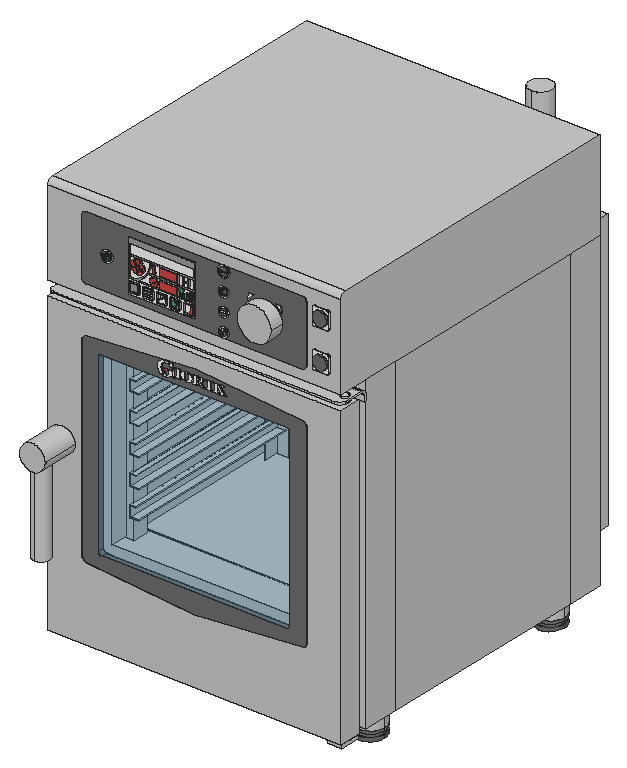
Revit family "QF_GIORIK_KH0623_KT0623_KP0623_KH0623W_KT0623W_KP0623W", category Specialty Equipment, Revit 2014 (continued)
Automatic sketch dimensions
  Extrusion 5 sketch curve to Extrusion 5 sketch curve = 1 mm  (x12)
  Extrusion 5 sketch curve to Extrusion 5 sketch curve = 12 mm  (x2)
  Extrusion 5 sketch curve to Extrusion 5 sketch curve = 14 mm  (x2)
  plane 3 "Left" to Extrusion 5 sketch curve = 85 mm  (x2)
  plane 1 "Back" to Extrusion 5 sketch curve = 252 mm  (x2)
  plane 4 "Right" to Extrusion 5 sketch curve = 85 mm  (x2)
  Extrusion 5 sketch curve to Extrusion 5 sketch curve = 24 mm  (x2)
  Extrusion 5 sketch curve to Extrusion 5 sketch curve = 7 mm  (x2)
  Extrusion 5 sketch curve to Extrusion 5 sketch curve = 13.5 mm  (x2)
  Extrusion 5 sketch curve to Extrusion 5 sketch curve = 20.5 mm
  Extrusion 5 sketch curve to Extrusion 5 sketch curve = 21.5 mm
  plane 4 "Right" to Extrusion 6 sketch curve = 85 mm
  Extrusion 6 sketch curve to Extrusion 6 sketch curve = 0 mm  (x10)
  Extrusion 6 sketch curve to Extrusion 6 sketch curve = 1 mm  (x36)
  Extrusion 6 sketch curve to Extrusion 6 sketch curve = 9 mm  (x10)
  Extrusion 6 sketch curve to Extrusion 6 sketch curve = 15 mm  (x8)
  plane 3 "Left" to Extrusion 6 sketch curve = 101 mm
  Extrusion 6 sketch curve to Extrusion 6 sketch curve = 6 mm  (x6)
  plane 7 "Legs height" to Extrusion 6 sketch curve = 175 mm  (x2)
  Extrusion 6 sketch curve to Extrusion 6 sketch curve = 18 mm  (x12)
  Extrusion 6 sketch curve to Extrusion 6 sketch curve = 30 mm  (x10)
  Extrusion 7 sketch curve to plane 5 "Front" = 0 mm  (x2)
  plane 1 "Back" to Extrusion 7 sketch curve = 0 mm
  Extrusion 7 sketch curve to plane 3 "Left" = 0 mm
  Extrusion 7 sketch curve to plane 4 "Right" = 0 mm
  Extrusion 7 sketch curve to Extrusion 7 sketch curve = 100 mm  (x2)
  Extrusion 7 sketch curve to plane 1 "Back" = 100 mm
  Extrusion 8 sketch curve to plane 4 "Right" = 0 mm
  Extrusion 8 sketch curve to plane 5 "Front" = 0 mm
  Extrusion 8 sketch curve to plane 5 "Front" = 8.06 mm
  Extrusion 8 sketch curve to Extrusion 8 sketch curve = 510.94 mm
  plane 4 "Right" to Extrusion 8 sketch curve = 7.063 mm
  plane 4 "Right" to Extrusion 8 sketch curve = 40 mm
  plane 4 "Right" to Extrusion 9 sketch curve = 60 mm
  Extrusion 9 sketch curve to Extrusion 9 sketch curve = 10 mm  (x3)
  Extrusion 9 sketch curve to Extrusion 9 sketch curve = 20 mm  (x3)
  Extrusion 9 sketch curve to Extrusion 9 sketch curve = 6 mm  (x3)
  plane 4 "Right" to Extrusion 9 sketch curve = 259.5 mm  (x2)
  plane 3 "Left" to Extrusion 9 sketch curve = 96 mm  (x2)
  Extrusion 9 sketch curve to level = 619.096 mm
  plane 7 "Legs height" to Extrusion 9 sketch curve = 140.46 mm  (x2)
  Extrusion 9 sketch curve to Extrusion 9 sketch curve = 9.54 mm
  Extrusion 9 sketch curve to plane 6 "Top" = 251 mm
  Extrusion 9 sketch curve to Extrusion 9 sketch curve = 15.54 mm  (x2)
  plane 6 "Top" to Extrusion 9 sketch curve = 579.096 mm
  Extrusion 9 sketch curve to Extrusion 9 sketch curve = 0 mm  (x2)
  plane 1 "Back" to Extrusion 11 sketch curve = 21 mm
  plane 4 "Right" to Extrusion 11 sketch curve = 219 mm
  curve 3 to plane 5 "Front" = 0 mm
  curve 1 to plane 5 "Front" = 0 mm
  curve 3 to plane 4 "Right" = 100 mm
  curve 2 to plane 3 "Left" = 100 mm
  curve 3 to plane 1 "Back" = 100 mm
  plane 3 "Left" to Extrusion 12 sketch curve = 69.5 mm
  plane 4 "Right" to Extrusion 12 sketch curve = 69.5 mm
  plane 7 "Legs height" to Extrusion 12 sketch curve = 134 mm
  Extrusion 12 sketch curve to plane 6 "Top" = 211 mm
  Extrusion 14 sketch curve to Extrusion 14 sketch curve = 0 mm  (x3)
  Extrusion 14 sketch curve to plane 8 "Front oven" = 0 mm
  Extrusion 14 sketch curve to plane 8 "Front oven" = 3 mm
  Extrusion 14 sketch curve to Extrusion 14 sketch curve = 5.5 mm
  Extrusion 14 sketch curve to plane 6 "Top" = 194 mm
  Extrusion 14 sketch curve to Extrusion 14 sketch curve = 10.501 mm
  Extrusion 14 sketch curve to Extrusion 14 sketch curve = 3 mm
  Extrusion 15 sketch curve to plane 5 "Front" = 0 mm
  Extrusion 15 sketch curve to plane 3 "Left" = 0 mm
  plane 4 "Right" to Extrusion 15 sketch curve = 0 mm
  plane 5 "Front" to Extrusion 15 sketch curve = 10 mm  (x2)
  Extrusion 15 sketch curve to plane 8 "Front oven" = 8.5 mm
  Extrusion 16 sketch curve to Extrusion 16 sketch curve = 0 mm  (x7)
  Extrusion 16 sketch curve to plane 6 "Top" = 89.092 mm
  plane 4 "Right" to Extrusion 16 sketch curve = 260.245 mm
  Extrusion 16 sketch curve to Extrusion 16 sketch curve = 2.604 mm  (x6)
  Extrusion 16 sketch curve to Extrusion 16 sketch curve = 1.396 mm  (x5)
  Extrusion 16 sketch curve to Extrusion 16 sketch curve = 1.978 mm
  Extrusion 16 sketch curve to Extrusion 16 sketch curve = 10.872 mm
  Extrusion 16 sketch curve to Extrusion 16 sketch curve = 118.779 mm
  Extrusion 16 sketch curve to Extrusion 16 sketch curve = 0.7 mm  (x2)
  Extrusion 16 sketch curve to Extrusion 16 sketch curve = 0.8 mm  (x2)
  Extrusion 16 sketch curve to Extrusion 16 sketch curve = 2 mm  (x5)
  Extrusion 16 sketch curve to Extrusion 16 sketch curve = 0.685 mm
  Extrusion 16 sketch curve to Extrusion 16 sketch curve = 11.556 mm
  Extrusion 16 sketch curve to Extrusion 16 sketch curve = 5.556 mm
  Extrusion 16 sketch curve to Extrusion 16 sketch curve = 15.513 mm
  Extrusion 16 sketch curve to plane 6 "Top" = 85 mm
  Extrusion 16 sketch curve to Extrusion 16 sketch curve = 4.77 mm
  Extrusion 16 sketch curve to Extrusion 16 sketch curve = 1.555 mm
  Extrusion 16 sketch curve to Extrusion 16 sketch curve = 1.126 mm
  Extrusion 17 sketch curve to Extrusion 17 sketch curve = 0 mm  (x32)
  Extrusion 17 sketch curve to plane 6 "Top" = 120.283 mm
  plane 4 "Right" to Extrusion 17 sketch curve = 261.5 mm
  Extrusion 17 sketch curve to Extrusion 17 sketch curve = 1.5 mm  (x4)
  Extrusion 17 sketch curve to Extrusion 17 sketch curve = 24.398 mm
  Extrusion 17 sketch curve to Extrusion 17 sketch curve = 30 mm
  Extrusion 17 sketch curve to plane 6 "Top" = 93.8 mm
  Extrusion 17 sketch curve to Extrusion 17 sketch curve = 5.542 mm
  Extrusion 17 sketch curve to plane 6 "Top" = 92.86 mm
  Extrusion 17 sketch curve to Extrusion 17 sketch curve = 0.789 mm
  Extrusion 17 sketch curve to plane 6 "Top" = 97.385 mm
  Extrusion 17 sketch curve to Extrusion 17 sketch curve = 2.211 mm
  Extrusion 17 sketch curve to plane 6 "Top" = 98.402 mm
  Extrusion 17 sketch curve to Extrusion 17 sketch curve = 0.686 mm
  Extrusion 17 sketch curve to Extrusion 17 sketch curve = 9.164 mm
  Extrusion 17 sketch curve to plane 6 "Top" = 97.435 mm
  Extrusion 17 sketch curve to plane 6 "Top" = 95.9 mm
  Extrusion 17 sketch curve to plane 6 "Top" = 96.721 mm
  Extrusion 17 sketch curve to Extrusion 17 sketch curve = 1.058 mm
  Extrusion 17 sketch curve to Extrusion 17 sketch curve = 0.007 mm
  Extrusion 17 sketch curve to plane 6 "Top" = 98.932 mm
  Extrusion 17 sketch curve to Extrusion 17 sketch curve = 0.727 mm
  Extrusion 17 sketch curve to plane 6 "Top" = 92.248 mm
  Extrusion 17 sketch curve to Extrusion 17 sketch curve = 4.43 mm
  Extrusion 17 sketch curve to plane 6 "Top" = 87.723 mm
  Extrusion 17 sketch curve to Extrusion 17 sketch curve = 12.64 mm
  Extrusion 17 sketch curve to plane 6 "Top" = 77.074 mm
  Extrusion 17 sketch curve to Extrusion 17 sketch curve = 0.034 mm
  Extrusion 17 sketch curve to plane 6 "Top" = 83.449 mm
  Extrusion 17 sketch curve to Extrusion 17 sketch curve = 1.389 mm
  Extrusion 17 sketch curve to plane 6 "Top" = 91.136 mm
  Extrusion 17 sketch curve to Extrusion 17 sketch curve = 2.313 mm
  Extrusion 17 sketch curve to Extrusion 17 sketch curve = 2.53 mm
  Extrusion 17 sketch curve to plane 6 "Top" = 87.406 mm
  Extrusion 17 sketch curve to Extrusion 17 sketch curve = 2.705 mm
  Extrusion 17 sketch curve to plane 6 "Top" = 76.294 mm
  Extrusion 17 sketch curve to Extrusion 17 sketch curve = 1.138 mm
  Extrusion 17 sketch curve to plane 6 "Top" = 73.82 mm
  Extrusion 17 sketch curve to Extrusion 17 sketch curve = 3.357 mm
  Extrusion 17 sketch curve to plane 6 "Top" = 82.8 mm
  Extrusion 17 sketch curve to Extrusion 17 sketch curve = 6.172 mm
  Extrusion 17 sketch curve to plane 6 "Top" = 84.401 mm
  Extrusion 17 sketch curve to Extrusion 17 sketch curve = 0.566 mm
  Extrusion 17 sketch curve to plane 6 "Top" = 80.522 mm
  Extrusion 17 sketch curve to Extrusion 17 sketch curve = 0.676 mm
  Extrusion 17 sketch curve to plane 6 "Top" = 91.817 mm
  Extrusion 17 sketch curve to Extrusion 17 sketch curve = 6.481 mm
  Extrusion 17 sketch curve to Extrusion 17 sketch curve = 1.773 mm
  Extrusion 17 sketch curve to plane 6 "Top" = 79.489 mm
  Extrusion 17 sketch curve to Extrusion 17 sketch curve = 1.347 mm
  Extrusion 17 sketch curve to plane 6 "Top" = 85.747 mm
  Extrusion 17 sketch curve to Extrusion 17 sketch curve = 1.957 mm
  Extrusion 17 sketch curve to Extrusion 17 sketch curve = 0.572 mm
  Extrusion 17 sketch curve to Extrusion 17 sketch curve = 0.366 mm
  Extrusion 17 sketch curve to plane 6 "Top" = 85.703 mm
  Extrusion 17 sketch curve to Extrusion 17 sketch curve = 1.697 mm
  Extrusion 17 sketch curve to plane 6 "Top" = 79.428 mm
  Extrusion 17 sketch curve to Extrusion 17 sketch curve = 1.163 mm
  Extrusion 17 sketch curve to Extrusion 17 sketch curve = 1.291 mm
  Extrusion 17 sketch curve to plane 6 "Top" = 94.459 mm
  Extrusion 17 sketch curve to Extrusion 17 sketch curve = 3.636 mm
  Extrusion 17 sketch curve to plane 6 "Top" = 70.562 mm
  Extrusion 17 sketch curve to Extrusion 17 sketch curve = 5.644 mm
  Extrusion 17 sketch curve to plane 6 "Top" = 91.788 mm
  Extrusion 17 sketch curve to Extrusion 17 sketch curve = 0.534 mm
  Extrusion 17 sketch curve to plane 6 "Top" = 80.39 mm
  Extrusion 17 sketch curve to Extrusion 17 sketch curve = 1.399 mm
  Extrusion 17 sketch curve to plane 6 "Top" = 84.258 mm
  Extrusion 17 sketch curve to plane 6 "Top" = 82.63 mm
  Extrusion 17 sketch curve to plane 6 "Top" = 73.81 mm
  Extrusion 17 sketch curve to Extrusion 17 sketch curve = 1.875 mm
  Extrusion 17 sketch curve to plane 6 "Top" = 93.314 mm
  Extrusion 17 sketch curve to Extrusion 17 sketch curve = 3.426 mm
  Extrusion 17 sketch curve to plane 6 "Top" = 71.963 mm
  Extrusion 17 sketch curve to Extrusion 17 sketch curve = 2.001 mm
  Extrusion 17 sketch curve to plane 6 "Top" = 76.238 mm
  Extrusion 17 sketch curve to Extrusion 17 sketch curve = 3.39 mm
  Extrusion 17 sketch curve to plane 6 "Top" = 87.36 mm
  Extrusion 17 sketch curve to Extrusion 17 sketch curve = 5.374 mm
  Extrusion 17 sketch curve to plane 6 "Top" = 83.385 mm
  Extrusion 17 sketch curve to Extrusion 17 sketch curve = 1.262 mm
  Extrusion 17 sketch curve to plane 6 "Top" = 84.718 mm
  Extrusion 17 sketch curve to Extrusion 17 sketch curve = 2.375 mm
  Extrusion 17 sketch curve to plane 6 "Top" = 80.599 mm
  Extrusion 17 sketch curve to Extrusion 17 sketch curve = 2.509 mm
  Extrusion 17 sketch curve to Extrusion 17 sketch curve = 2.12 mm  (x2)
  Extrusion 17 sketch curve to Extrusion 17 sketch curve = 7.859 mm  (x2)
  Extrusion 17 sketch curve to Extrusion 17 sketch curve = 5.742 mm
  Extrusion 17 sketch curve to Extrusion 17 sketch curve = 0.426 mm
  Extrusion 17 sketch curve to Extrusion 17 sketch curve = 12.559 mm  (x2)
  Extrusion 17 sketch curve to Extrusion 17 sketch curve = 7.441 mm
  Extrusion 17 sketch curve to Extrusion 17 sketch curve = 2.137 mm
  plane 4 "Right" to Extrusion 18 sketch curve = 1 mm
  plane 5 "Front" to Extrusion 18 sketch curve = 3.5 mm
  Extrusion 18 sketch curve to plane 8 "Front oven" = 16.5 mm
  Extrusion 18 sketch curve to plane 8 "Front oven" = 4 mm
  plane 8 "Front oven" to Extrusion 18 sketch curve = 1.5 mm
  plane 8 "Front oven" to Extrusion 18 sketch curve = 56 mm
  Extrusion 18 sketch curve to Extrusion 18 sketch curve = 0 mm
  Extrusion 18 sketch curve to Extrusion 18 sketch curve = 16.248 mm
  plane 4 "Right" to Extrusion 18 sketch curve = 19 mm
  Extrusion 18 sketch curve to Extrusion 18 sketch curve = 25 mm
  Extrusion 18 sketch curve to Extrusion 18 sketch curve = 12 mm
  Extrusion 18 sketch curve to Extrusion 18 sketch curve = 19 mm
  Extrusion 18 sketch curve to Extrusion 18 sketch curve = 10 mm
  plane 4 "Right" to Revolve 19 sketch curve = 11.5 mm
  Revolve 19 sketch curve to Revolve 19 sketch curve = 3.5 mm  (x3)
  Revolve 19 sketch curve to Revolve 19 sketch curve = 6 mm
  Revolve 19 sketch curve to plane 6 "Top" = 185 mm
  Revolve 19 sketch curve to Revolve 19 sketch curve = 4.5 mm  (x2)
  Revolve 19 sketch curve to Revolve 19 sketch curve = 2.5 mm
  Revolve 19 sketch curve to Revolve 19 sketch curve = 3.901 mm
  Revolve 19 sketch curve to Revolve 19 sketch curve = 0 mm  (x3)
  Revolve 20 sketch curve to plane 7 "Legs height" = 0 mm  (x2)
  plane 4 "Right" to Revolve 20 sketch curve = 11.5 mm
  Revolve 20 sketch curve to Revolve 20 sketch curve = 3.5 mm  (x3)
  Revolve 20 sketch curve to Revolve 20 sketch curve = 2.5 mm
  Revolve 20 sketch curve to Revolve 20 sketch curve = 7 mm
  Revolve 20 sketch curve to Revolve 20 sketch curve = 3.901 mm
  Revolve 20 sketch curve to Revolve 20 sketch curve = 0 mm  (x2)
  Extrusion 21 sketch curve to plane 4 "Right" = 25 mm
  Extrusion 21 sketch curve to plane 7 "Legs height" = 310 mm
  plane 5 "Front" to Extrusion 23 sketch curve = 46 mm
  Extrusion 23 sketch curve to plane 4 "Right" = 25 mm
  Extrusion 25 sketch curve to Extrusion 25 sketch curve = 0 mm  (x11)
  Extrusion 25 sketch curve to plane 6 "Top" = 66.895 mm  (x2)
  plane 4 "Right" to Extrusion 25 sketch curve = 103.895 mm
  Extrusion 25 sketch curve to plane 6 "Top" = 55.514 mm  (x2)
  Extrusion 25 sketch curve to Extrusion 25 sketch curve = 1.599 mm  (x2)
  Extrusion 25 sketch curve to Extrusion 25 sketch curve = 9.467 mm  (x2)
  Extrusion 25 sketch curve to Extrusion 25 sketch curve = 26.569 mm
  Extrusion 25 sketch curve to Extrusion 25 sketch curve = 7.071 mm
  Extrusion 25 sketch curve to Extrusion 25 sketch curve = 15.503 mm
  Extrusion 25 sketch curve to Extrusion 25 sketch curve = 37.995 mm
  Extrusion 25 sketch curve to Extrusion 25 sketch curve = 37.895 mm
  Extrusion 25 sketch curve to Extrusion 25 sketch curve = 1.233 mm
  Extrusion 25 sketch curve to Extrusion 25 sketch curve = 4 mm
  Extrusion 25 sketch curve to plane 6 "Top" = 65.195 mm
  Extrusion 25 sketch curve to Extrusion 25 sketch curve = 3.251 mm
  Extrusion 25 sketch curve to Extrusion 25 sketch curve = 6.5 mm  (x2)
  Extrusion 25 sketch curve to Extrusion 25 sketch curve = 1 mm  (x7)
  Extrusion 25 sketch curve to Extrusion 25 sketch curve = 0.516 mm
  Extrusion 25 sketch curve to Extrusion 25 sketch curve = 5 mm  (x2)
  Extrusion 25 sketch curve to Extrusion 25 sketch curve = 2.807 mm
  Extrusion 25 sketch curve to plane 6 "Top" = 63.441 mm
  Extrusion 25 sketch curve to Extrusion 25 sketch curve = 0.953 mm
  Extrusion 25 sketch curve to Extrusion 25 sketch curve = 44.5 mm
  Extrusion 25 sketch curve to plane 6 "Top" = 40 mm
  Extrusion 25 sketch curve to Extrusion 25 sketch curve = 116 mm
  Extrusion 25 sketch curve to Extrusion 25 sketch curve = 40 mm
  Extrusion 25 sketch curve to Extrusion 25 sketch curve = 34.378 mm
  Extrusion 25 sketch curve to Extrusion 25 sketch curve = 1.427 mm
  Extrusion 25 sketch curve to Extrusion 25 sketch curve = 2.881 mm
  Extrusion 25 sketch curve to Extrusion 25 sketch curve = 27.547 mm
  Extrusion 25 sketch curve to Extrusion 25 sketch curve = 28.047 mm
  Extrusion 25 sketch curve to Extrusion 25 sketch curve = 2.291 mm
  Extrusion 25 sketch curve to Extrusion 25 sketch curve = 0.209 mm
  Extrusion 25 sketch curve to Extrusion 25 sketch curve = 3 mm
  Extrusion 25 sketch curve to Extrusion 25 sketch curve = 45 mm
  Extrusion 25 sketch curve to Extrusion 25 sketch curve = 8.188 mm
  Extrusion 25 sketch curve to Extrusion 25 sketch curve = 3.805 mm
  Extrusion 25 sketch curve to Extrusion 25 sketch curve = 2.051 mm
  Extrusion 25 sketch curve to Extrusion 25 sketch curve = 1.254 mm
  Extrusion 25 sketch curve to Extrusion 25 sketch curve = 25.941 mm
  Extrusion 25 sketch curve to Extrusion 25 sketch curve = 0.5 mm
  Extrusion 26 sketch curve to Extrusion 26 sketch curve = 0 mm  (x64)
  Extrusion 26 sketch curve to plane 6 "Top" = 105 mm
  plane 4 "Right" to Extrusion 26 sketch curve = 258 mm
  Extrusion 26 sketch curve to Extrusion 26 sketch curve = 1 mm  (x18)
  Extrusion 26 sketch curve to Extrusion 26 sketch curve = 1.5 mm
  Extrusion 26 sketch curve to Extrusion 26 sketch curve = 0.5 mm
  Extrusion 26 sketch curve to Extrusion 26 sketch curve = 2 mm  (x13)
  Extrusion 26 sketch curve to Extrusion 26 sketch curve = 8.26 mm  (x2)
  Extrusion 26 sketch curve to Extrusion 26 sketch curve = 1.62 mm  (x3)
  Extrusion 26 sketch curve to Extrusion 26 sketch curve = 9.5 mm  (x2)
  Extrusion 26 sketch curve to Extrusion 26 sketch curve = 7.957 mm
  Extrusion 26 sketch curve to Extrusion 26 sketch curve = 6 mm  (x4)
  Extrusion 26 sketch curve to Extrusion 26 sketch curve = 1.514 mm
  Extrusion 26 sketch curve to Extrusion 26 sketch curve = 0.717 mm  (x2)
  Extrusion 26 sketch curve to Extrusion 26 sketch curve = 1.202 mm
  Extrusion 26 sketch curve to Extrusion 26 sketch curve = 10.283 mm
  Extrusion 26 sketch curve to Extrusion 26 sketch curve = 10.081 mm
  Extrusion 26 sketch curve to Extrusion 26 sketch curve = 0.961 mm
  Extrusion 26 sketch curve to Extrusion 26 sketch curve = 1.658 mm
  Extrusion 26 sketch curve to Extrusion 26 sketch curve = 2.455 mm
  Extrusion 26 sketch curve to Extrusion 26 sketch curve = 1.267 mm
  Extrusion 26 sketch curve to Extrusion 26 sketch curve = 2.654 mm
  Extrusion 26 sketch curve to plane 6 "Top" = 117.623 mm
  Extrusion 26 sketch curve to Extrusion 26 sketch curve = 2.67 mm
  Extrusion 26 sketch curve to plane 6 "Top" = 116.404 mm
  Extrusion 26 sketch curve to Extrusion 26 sketch curve = 1.218 mm
  Extrusion 26 sketch curve to plane 6 "Top" = 121.754 mm
  Extrusion 26 sketch curve to Extrusion 26 sketch curve = 4.131 mm
  Extrusion 26 sketch curve to Extrusion 26 sketch curve = 0.609 mm  (x2)
  Extrusion 26 sketch curve to plane 6 "Top" = 120.535 mm
  Extrusion 26 sketch curve to Extrusion 26 sketch curve = 1.312 mm
  Extrusion 26 sketch curve to Extrusion 26 sketch curve = 4.225 mm
  Extrusion 26 sketch curve to Extrusion 26 sketch curve = 0.767 mm
  Extrusion 26 sketch curve to Extrusion 26 sketch curve = 1.946 mm  (x2)
  Extrusion 26 sketch curve to Extrusion 26 sketch curve = 3.893 mm
  Extrusion 26 sketch curve to Extrusion 26 sketch curve = 0.573 mm
  Extrusion 26 sketch curve to Extrusion 26 sketch curve = 10.054 mm  (x2)
  Extrusion 26 sketch curve to Extrusion 26 sketch curve = 1.19 mm  (x2)
  Extrusion 26 sketch curve to Extrusion 26 sketch curve = 0.81 mm
  Extrusion 26 sketch curve to Extrusion 26 sketch curve = 3.631 mm
  Extrusion 26 sketch curve to Extrusion 26 sketch curve = 3.68 mm
  Extrusion 26 sketch curve to Extrusion 26 sketch curve = 4.689 mm
  Extrusion 26 sketch curve to Extrusion 26 sketch curve = 7.689 mm
  Extrusion 26 sketch curve to Extrusion 26 sketch curve = 17.403 mm
  Extrusion 26 sketch curve to Extrusion 26 sketch curve = 3.422 mm
  Extrusion 26 sketch curve to Extrusion 26 sketch curve = 2.246 mm
  Extrusion 26 sketch curve to Extrusion 26 sketch curve = 1.597 mm
  Extrusion 26 sketch curve to Extrusion 26 sketch curve = 0.042 mm
  Extrusion 26 sketch curve to Extrusion 26 sketch curve = 2.769 mm  (x2)
  Extrusion 26 sketch curve to Extrusion 26 sketch curve = 1.7 mm
  Extrusion 26 sketch curve to Extrusion 26 sketch curve = 2.12 mm
  Extrusion 26 sketch curve to Extrusion 26 sketch curve = 2.231 mm
  Extrusion 26 sketch curve to Extrusion 26 sketch curve = 1.147 mm
  Extrusion 26 sketch curve to Extrusion 26 sketch curve = 3.002 mm
  Extrusion 26 sketch curve to Extrusion 26 sketch curve = 6.3 mm
  Extrusion 26 sketch curve to Extrusion 26 sketch curve = 1.883 mm
  Extrusion 26 sketch curve to Extrusion 26 sketch curve = 7.859 mm
  Extrusion 26 sketch curve to Extrusion 26 sketch curve = 0.615 mm
  Extrusion 26 sketch curve to Extrusion 26 sketch curve = 4.404 mm
  Extrusion 26 sketch curve to Extrusion 26 sketch curve = 0.424 mm
  Extrusion 26 sketch curve to Extrusion 26 sketch curve = 2.306 mm
  Extrusion 26 sketch curve to Extrusion 26 sketch curve = 7 mm
  Extrusion 26 sketch curve to Extrusion 26 sketch curve = 0.463 mm
  Extrusion 26 sketch curve to Extrusion 26 sketch curve = 5 mm  (x2)
  Extrusion 26 sketch curve to Extrusion 26 sketch curve = 17.245 mm
  Extrusion 26 sketch curve to Extrusion 26 sketch curve = 2.495 mm
  Extrusion 26 sketch curve to Extrusion 26 sketch curve = 5.681 mm  (x3)
  Extrusion 26 sketch curve to Extrusion 26 sketch curve = 1.6 mm
  Extrusion 26 sketch curve to Extrusion 26 sketch curve = 2.544 mm
  Extrusion 26 sketch curve to Extrusion 26 sketch curve = 16.755 mm
  Extrusion 26 sketch curve to Extrusion 26 sketch curve = 10 mm
  plane 4 "Right" to Extrusion 27 sketch curve = 201.553 mm
  Extrusion 27 sketch curve to Extrusion 27 sketch curve = 2.606 mm
  Extrusion 27 sketch curve to Extrusion 27 sketch curve = 3.123 mm
  Extrusion 27 sketch curve to Extrusion 27 sketch curve = 3.991 mm
  Extrusion 27 sketch curve to Extrusion 27 sketch curve = 1.949 mm
  Extrusion 27 sketch curve to Extrusion 27 sketch curve = 1.182 mm
  Extrusion 27 sketch curve to Extrusion 27 sketch curve = 6.627 mm
  Extrusion 27 sketch curve to Extrusion 27 sketch curve = 1.25 mm
  Extrusion 27 sketch curve to Extrusion 27 sketch curve = 2.454 mm
  Extrusion 27 sketch curve to Extrusion 27 sketch curve = 1.353 mm  (x2)
  Extrusion 27 sketch curve to Extrusion 27 sketch curve = 3.69 mm
  Extrusion 27 sketch curve to Extrusion 27 sketch curve = 2.793 mm  (x10)
  Extrusion 27 sketch curve to Extrusion 27 sketch curve = 5.413 mm  (x3)
  Extrusion 27 sketch curve to Extrusion 27 sketch curve = 2 mm  (x2)
  Extrusion 27 sketch curve to Extrusion 27 sketch curve = 2.002 mm
  Extrusion 27 sketch curve to Extrusion 27 sketch curve = 3.133 mm
  Extrusion 27 sketch curve to Extrusion 27 sketch curve = 9.013 mm
  Extrusion 27 sketch curve to Extrusion 27 sketch curve = 4.511 mm
  Extrusion 27 sketch curve to Extrusion 27 sketch curve = 3.34 mm
  Extrusion 27 sketch curve to Extrusion 27 sketch curve = 0.132 mm
  Extrusion 27 sketch curve to Extrusion 27 sketch curve = 3.46 mm
  Extrusion 27 sketch curve to Extrusion 27 sketch curve = 3.675 mm
  Extrusion 27 sketch curve to Extrusion 27 sketch curve = 0 mm  (x18)
  Extrusion 27 sketch curve to Extrusion 27 sketch curve = 5.566 mm
  Extrusion 27 sketch curve to Extrusion 27 sketch curve = 2.285 mm
  Extrusion 27 sketch curve to Extrusion 27 sketch curve = 2.551 mm
  Extrusion 27 sketch curve to Extrusion 27 sketch curve = 5.945 mm
  Extrusion 27 sketch curve to Extrusion 27 sketch curve = 0.022 mm  (x2)
  Extrusion 27 sketch curve to Extrusion 27 sketch curve = 4 mm
  Extrusion 27 sketch curve to Extrusion 27 sketch curve = 5.91 mm  (x2)
  Extrusion 27 sketch curve to Extrusion 27 sketch curve = 1.141 mm
  Extrusion 27 sketch curve to Extrusion 27 sketch curve = 6.081 mm
  Extrusion 27 sketch curve to Extrusion 27 sketch curve = 4.16 mm
  Extrusion 27 sketch curve to Extrusion 27 sketch curve = 2.507 mm
  Extrusion 27 sketch curve to Extrusion 27 sketch curve = 1.366 mm
  Extrusion 27 sketch curve to Extrusion 27 sketch curve = 4.893 mm
  Extrusion 27 sketch curve to Extrusion 27 sketch curve = 6.586 mm
  Extrusion 27 sketch curve to Extrusion 27 sketch curve = 2.154 mm
  Extrusion 27 sketch curve to Extrusion 27 sketch curve = 2.256 mm
  Extrusion 27 sketch curve to Extrusion 27 sketch curve = 0.578 mm
  Extrusion 27 sketch curve to Extrusion 27 sketch curve = 1.392 mm
  Extrusion 27 sketch curve to Extrusion 27 sketch curve = 1.974 mm
  Extrusion 27 sketch curve to Extrusion 27 sketch curve = 1.347 mm
  Extrusion 27 sketch curve to Extrusion 27 sketch curve = 1.469 mm
  Extrusion 27 sketch curve to Extrusion 27 sketch curve = 4.081 mm
  Extrusion 27 sketch curve to plane 6 "Top" = 239.528 mm
  Extrusion 27 sketch curve to Extrusion 27 sketch curve = 2.317 mm
  Extrusion 27 sketch curve to Extrusion 27 sketch curve = 3.242 mm
  Extrusion 27 sketch curve to Extrusion 27 sketch curve = 3.564 mm
  Extrusion 27 sketch curve to Extrusion 27 sketch curve = 0.899 mm
  Extrusion 27 sketch curve to Extrusion 27 sketch curve = 1.294 mm
  Extrusion 27 sketch curve to Extrusion 27 sketch curve = 2.894 mm  (x2)
  Extrusion 27 sketch curve to Extrusion 27 sketch curve = 1 mm
  Extrusion 27 sketch curve to Extrusion 27 sketch curve = 1.461 mm
  Extrusion 27 sketch curve to Extrusion 27 sketch curve = 1.786 mm
  Extrusion 27 sketch curve to Extrusion 27 sketch curve = 1.919 mm
  Extrusion 27 sketch curve to Extrusion 27 sketch curve = 2.046 mm
  Extrusion 27 sketch curve to Extrusion 27 sketch curve = 1.137 mm
  Extrusion 27 sketch curve to Extrusion 27 sketch curve = 2.344 mm  (x8)
  Extrusion 27 sketch curve to Extrusion 27 sketch curve = 3.153 mm
  Extrusion 27 sketch curve to Extrusion 27 sketch curve = 3.783 mm
  Extrusion 27 sketch curve to Extrusion 27 sketch curve = 1.816 mm  (x2)
  Extrusion 27 sketch curve to Extrusion 27 sketch curve = 1.67 mm
  Extrusion 27 sketch curve to Extrusion 27 sketch curve = 3.513 mm
  Extrusion 27 sketch curve to Extrusion 27 sketch curve = 2.539 mm
  Extrusion 27 sketch curve to Extrusion 27 sketch curve = 4.042 mm
  Extrusion 27 sketch curve to Extrusion 27 sketch curve = 0.806 mm
  Extrusion 27 sketch curve to Extrusion 27 sketch curve = 0.873 mm
  Extrusion 27 sketch curve to Extrusion 27 sketch curve = 4.868 mm
  Extrusion 27 sketch curve to Extrusion 27 sketch curve = 2.243 mm
  Extrusion 27 sketch curve to Extrusion 27 sketch curve = 0.326 mm
  Extrusion 27 sketch curve to Extrusion 27 sketch curve = 2.593 mm  (x3)
  Extrusion 27 sketch curve to Extrusion 27 sketch curve = 1.506 mm
  Extrusion 27 sketch curve to Extrusion 27 sketch curve = 1.887 mm
  Extrusion 27 sketch curve to Extrusion 27 sketch curve = 1.99 mm
  Extrusion 27 sketch curve to Extrusion 27 sketch curve = 2.691 mm
  Extrusion 27 sketch curve to Extrusion 27 sketch curve = 3.345 mm
  Extrusion 27 sketch curve to Extrusion 27 sketch curve = 0.743 mm
  Extrusion 27 sketch curve to Extrusion 27 sketch curve = 3.185 mm
  Extrusion 27 sketch curve to Extrusion 27 sketch curve = 0.206 mm
  Extrusion 27 sketch curve to Extrusion 27 sketch curve = 2.753 mm
  Extrusion 27 sketch curve to Extrusion 27 sketch curve = 4.912 mm  (x2)
  Extrusion 27 sketch curve to Extrusion 27 sketch curve = 2.294 mm
  Extrusion 27 sketch curve to Extrusion 27 sketch curve = 3.131 mm
  Extrusion 27 sketch curve to Extrusion 27 sketch curve = 0.143 mm
  Extrusion 27 sketch curve to Extrusion 27 sketch curve = 1.861 mm
  Extrusion 27 sketch curve to Extrusion 27 sketch curve = 0.168 mm
  Extrusion 27 sketch curve to Extrusion 27 sketch curve = 2.712 mm
  Extrusion 27 sketch curve to Extrusion 27 sketch curve = 2.054 mm
  Extrusion 27 sketch curve to Extrusion 27 sketch curve = 1.787 mm
  plane 3 "Left" to Extrusion 28 sketch curve = 214.848 mm
  Extrusion 28 sketch curve to Extrusion 28 sketch curve = 6 mm  (x2)
  Extrusion 28 sketch curve to plane 6 "Top" = 232.105 mm
  Extrusion 28 sketch curve to Extrusion 28 sketch curve = 5 mm
  plane 4 "Right" to Extrusion 31 sketch curve = 50 mm
  plane 1 "Back" to Extrusion 31 sketch curve = 102 mm
  plane 4 "Right" to Extrusion 32 sketch curve = 50 mm
  plane 1 "Back" to Extrusion 32 sketch curve = 102 mm
  plane 4 "Right" to Extrusion 35 sketch curve = 50 mm
  plane 8 "Front oven" to Extrusion 35 sketch curve = 73 mm
  plane 4 "Right" to Extrusion 36 sketch curve = 50 mm
  plane 8 "Front oven" to Extrusion 36 sketch curve = 73 mm
  plane 4 "Right" to Extrusion 38 sketch curve = 50 mm
  plane 1 "Back" to Extrusion 38 sketch curve = 102 mm
  plane 4 "Right" to Extrusion 40 sketch curve = 50 mm
  plane 8 "Front oven" to Extrusion 40 sketch curve = 73 mm
  plane 4 "Right" to Extrusion 42 sketch curve = 50 mm
  plane 1 "Back" to Extrusion 42 sketch curve = 102 mm
  plane 4 "Right" to Extrusion 44 sketch curve = 50 mm
  plane 8 "Front oven" to Extrusion 44 sketch curve = 73 mm
  Extrusion 45 sketch curve to plane 3 "Left" = 0 mm
  plane 4 "Right" to Extrusion 45 sketch curve = 0 mm
  Extrusion 45 sketch curve to plane 7 "Legs height" = 0 mm
  Extrusion 45 sketch curve to plane 6 "Top" = 160 mm
  plane 4 "Right" to Extrusion 46 sketch curve = 60 mm
  Extrusion 46 sketch curve to Extrusion 46 sketch curve = 10 mm  (x3)
  plane 3 "Left" to Extrusion 46 sketch curve = 259.5 mm  (x2)
  plane 3 "Left" to Extrusion 46 sketch curve = 70 mm  (x2)
  Extrusion 46 sketch curve to level = 1741.516 mm
  Extrusion 46 sketch curve to plane 6 "Top" = 132.754 mm  (x2)
  Extrusion 46 sketch curve to plane 6 "Top" = 37.246 mm  (x2)
  plane 6 "Top" to Extrusion 46 sketch curve = 2341.516 mm
  Extrusion 46 sketch curve to Extrusion 46 sketch curve = 0 mm  (x2)
  plane 3 "Left" to Extrusion 47 sketch curve = 30 mm
  plane 4 "Right" to Extrusion 47 sketch curve = 30 mm
  plane 7 "Legs height" to Extrusion 47 sketch curve = 60 mm
  Extrusion 47 sketch curve to plane 6 "Top" = 160 mm
  Extrusion 48 sketch curve to plane 5 "Front" = 0 mm
  Extrusion 48 sketch curve to plane 6 "Top" = 0 mm
  plane 5 "Front" to Extrusion 48 sketch curve = 10 mm
  plane 5 "Front" to Extrusion 48 sketch curve = 10.1 mm
  plane 1 "Back" to Extrusion 48 sketch curve = 55 mm
  Extrusion 48 sketch curve to plane 6 "Top" = 10 mm
  Extrusion 48 sketch curve to plane 6 "Top" = 160 mm
  plane 3 "Left" to Revolve 49 sketch curve = 11.5 mm
  Revolve 49 sketch curve to Revolve 49 sketch curve = 3.5 mm  (x3)
  Revolve 49 sketch curve to Revolve 49 sketch curve = 6 mm
  Revolve 49 sketch curve to plane 6 "Top" = 169.599 mm
  Revolve 49 sketch curve to Revolve 49 sketch curve = 3.901 mm
  Revolve 49 sketch curve to Revolve 49 sketch curve = 4.5 mm  (x2)
  Revolve 49 sketch curve to Revolve 49 sketch curve = 2.5 mm
  Revolve 49 sketch curve to Revolve 49 sketch curve = 0 mm  (x3)
  plane 8 "Front oven" to Extrusion 50 sketch curve = 23 mm
  plane 8 "Front oven" to Extrusion 50 sketch curve = 36 mm
  Extrusion 50 sketch curve to Extrusion 50 sketch curve = 25 mm
  plane 4 "Right" to Extrusion 50 sketch curve = 27 mm
  Extrusion 50 sketch curve to Extrusion 50 sketch curve = 44 mm
  Extrusion 50 sketch curve to Extrusion 50 sketch curve = 0 mm
  Extrusion 53 sketch curve to plane 6 "Top" = 85 mm
  plane 4 "Right" to Extrusion 53 sketch curve = 134 mm
  plane 3 "Left" to Extrusion 54 sketch curve = 49.25 mm  (x2)
  Extrusion 54 sketch curve to plane 6 "Top" = 137.021 mm
  plane 3 "Left" to Extrusion 54 sketch curve = 58.5 mm
  Extrusion 54 sketch curve to Extrusion 54 sketch curve = 16.021 mm  (x3)
  plane 3 "Left" to Extrusion 54 sketch curve = 21.5 mm
  Extrusion 54 sketch curve to Extrusion 54 sketch curve = 9.25 mm
  Extrusion 54 sketch curve to Extrusion 54 sketch curve = 18.5 mm
  plane 3 "Left" to Extrusion 55 sketch curve = 40 mm
  Extrusion 55 sketch curve to plane 6 "Top" = 121 mm
  plane 3 "Left" to Extrusion 56 sketch curve = 49.25 mm  (x2)
  Extrusion 56 sketch curve to plane 6 "Top" = 137.021 mm
  plane 3 "Left" to Extrusion 56 sketch curve = 58.5 mm
  Extrusion 56 sketch curve to Extrusion 56 sketch curve = 16.021 mm  (x3)
  plane 3 "Left" to Extrusion 56 sketch curve = 21.5 mm
  Extrusion 56 sketch curve to Extrusion 56 sketch curve = 18.5 mm  (x2)
  plane 1 "Back" to Revolve 57 sketch curve = 32 mm
  Revolve 57 sketch curve to plane 6 "Top" = 121 mm
  Revolve 57 sketch curve to Revolve 57 sketch curve = 7 mm
  Revolve 57 sketch curve to Revolve 57 sketch curve = 4 mm
  Revolve 57 sketch curve to Revolve 57 sketch curve = 9 mm
  Revolve 57 sketch curve to Revolve 57 sketch curve = 8 mm
  Revolve 57 sketch curve to Revolve 57 sketch curve = 0 mm  (x3)
  Extrusion 58 sketch curve to Extrusion 58 sketch curve = 0 mm  (x2)
  plane 1 "Back" to Extrusion 58 sketch curve = 43 mm
  Extrusion 58 sketch curve to Extrusion 58 sketch curve = 2 mm
  Extrusion 58 sketch curve to Extrusion 58 sketch curve = 5 mm
  Extrusion 58 sketch curve to Extrusion 58 sketch curve = 3 mm
  Extrusion 58 sketch curve to Extrusion 58 sketch curve = 12 mm
  Extrusion 58 sketch curve to plane 6 "Top" = 150 mm
  Extrusion 58 sketch curve to plane 6 "Top" = 70 mm
  Extrusion 58 sketch curve to Extrusion 58 sketch curve = 7 mm
  plane 1 "Back" to Blend 59 sketch curve = 27 mm  (x2)
  plane 4 "Right" to Blend 59 sketch curve = 127 mm  (x2)
  plane 1 "Back" to Extrusion 60 sketch curve = 27 mm
  plane 4 "Right" to Extrusion 60 sketch curve = 127 mm
  plane 4 "Right" to Extrusion 61 sketch curve = 0 mm
  Extrusion 61 sketch curve to plane 3 "Left" = 0 mm
  Extrusion 61 sketch curve to plane 7 "Legs height" = 0 mm
  plane 4 "Right" to Extrusion 61 sketch curve = 84 mm
  plane 3 "Left" to Extrusion 61 sketch curve = 69.5 mm
  plane 7 "Legs height" to Extrusion 61 sketch curve = 134 mm
  Extrusion 61 sketch curve to plane 6 "Top" = 211 mm
  Extrusion 61 sketch curve to Extrusion 61 sketch curve = 51 mm
  plane 4 "Right" to Extrusion 62 sketch curve = 14.937 mm
  Extrusion 62 sketch curve to Extrusion 62 sketch curve = 15 mm  (x3)
  plane 3 "Left" to Extrusion 62 sketch curve = 29.937 mm
  plane 3 "Left" to Extrusion 62 sketch curve = 14.937 mm
  plane 7 "Legs height" to Extrusion 62 sketch curve = 15 mm
  Extrusion 62 sketch curve to plane 6 "Top" = 215 mm
  plane 4 "Right" to Extrusion 63 sketch curve = 20 mm
  Extrusion 63 sketch curve to Extrusion 63 sketch curve = 3 mm  (x3)
  Extrusion 63 sketch curve to Extrusion 63 sketch curve = 22 mm  (x2)
  Extrusion 63 sketch curve to plane 6 "Top" = 66 mm
  Extrusion 63 sketch curve to Extrusion 63 sketch curve = 26 mm
  plane 4 "Right" to Extrusion 64 sketch curve = 34 mm
  Extrusion 64 sketch curve to plane 6 "Top" = 50 mm
  plane 4 "Right" to Extrusion 65 sketch curve = 20 mm
  Extrusion 65 sketch curve to Extrusion 65 sketch curve = 3 mm  (x3)
  Extrusion 65 sketch curve to Extrusion 65 sketch curve = 22 mm  (x2)
  Extrusion 65 sketch curve to plane 6 "Top" = 136 mm
  Extrusion 65 sketch curve to Extrusion 65 sketch curve = 26 mm
  plane 4 "Right" to Extrusion 66 sketch curve = 34 mm
  Extrusion 66 sketch curve to plane 6 "Top" = 120 mm
  Extrusion 67 sketch curve to Extrusion 67 sketch curve = 0 mm  (x18)
  Extrusion 67 sketch curve to plane 6 "Top" = 78 mm  (x2)
  plane 4 "Right" to Extrusion 67 sketch curve = 191 mm
  Extrusion 67 sketch curve to Extrusion 67 sketch curve = 50 mm  (x2)
  Extrusion 67 sketch curve to Extrusion 67 sketch curve = 10 mm
  Extrusion 67 sketch curve to Extrusion 67 sketch curve = 15 mm  (x2)
  Extrusion 67 sketch curve to Extrusion 67 sketch curve = 45 mm  (x2)
  Extrusion 67 sketch curve to Extrusion 67 sketch curve = 21.5 mm
  Extrusion 67 sketch curve to Extrusion 67 sketch curve = 0.7 mm  (x2)
  Extrusion 67 sketch curve to Extrusion 67 sketch curve = 0.8 mm  (x2)
  Extrusion 67 sketch curve to Extrusion 67 sketch curve = 8 mm
  Extrusion 67 sketch curve to Extrusion 67 sketch curve = 4.77 mm
  Extrusion 67 sketch curve to Extrusion 67 sketch curve = 1.555 mm
  Extrusion 67 sketch curve to Extrusion 67 sketch curve = 1.126 mm
  Extrusion 67 sketch curve to Extrusion 67 sketch curve = 16 mm
  plane 4 "Right" to Extrusion 68 sketch curve = 95 mm
  Extrusion 68 sketch curve to plane 6 "Top" = 85 mm
  Extrusion 69 sketch curve to Extrusion 69 sketch curve = 0 mm  (x39)
  plane 4 "Right" to Extrusion 69 sketch curve = 132.474 mm
  Extrusion 69 sketch curve to Extrusion 69 sketch curve = 0.861 mm  (x2)
  Extrusion 69 sketch curve to Extrusion 69 sketch curve = 3.72 mm
  Extrusion 69 sketch curve to Extrusion 69 sketch curve = 4.665 mm
  Extrusion 69 sketch curve to Extrusion 69 sketch curve = 0.945 mm
  Extrusion 69 sketch curve to Extrusion 69 sketch curve = 0.166 mm
  Extrusion 69 sketch curve to Extrusion 69 sketch curve = 1.111 mm
  Extrusion 69 sketch curve to Extrusion 69 sketch curve = 4.341 mm
  Extrusion 69 sketch curve to Extrusion 69 sketch curve = 0.927 mm
  Extrusion 69 sketch curve to Extrusion 69 sketch curve = 24.824 mm
  Extrusion 69 sketch curve to Extrusion 69 sketch curve = 21.15 mm
  Extrusion 69 sketch curve to Extrusion 69 sketch curve = 1.06 mm  (x2)
  Extrusion 69 sketch curve to Extrusion 69 sketch curve = 0.329 mm
  Extrusion 69 sketch curve to Extrusion 69 sketch curve = 3.251 mm
  Extrusion 69 sketch curve to Extrusion 69 sketch curve = 0.83 mm
  Extrusion 69 sketch curve to Extrusion 69 sketch curve = 3.01 mm
  Extrusion 69 sketch curve to Extrusion 69 sketch curve = 2.807 mm
  Extrusion 69 sketch curve to Extrusion 69 sketch curve = 2.865 mm
  Extrusion 69 sketch curve to Extrusion 69 sketch curve = 2.93 mm
  Extrusion 69 sketch curve to Extrusion 69 sketch curve = 0.475 mm
  Extrusion 69 sketch curve to Extrusion 69 sketch curve = 1 mm  (x3)
  Extrusion 69 sketch curve to Extrusion 69 sketch curve = 21.171 mm
  Extrusion 69 sketch curve to Extrusion 69 sketch curve = 0.928 mm
  Extrusion 69 sketch curve to plane 6 "Top" = 94.8 mm
  Extrusion 69 sketch curve to Extrusion 69 sketch curve = 2.622 mm
  Extrusion 69 sketch curve to Extrusion 69 sketch curve = 3.549 mm
  Extrusion 69 sketch curve to Extrusion 69 sketch curve = 2.35 mm
  Extrusion 69 sketch curve to Extrusion 69 sketch curve = 0.994 mm
  Extrusion 69 sketch curve to plane 6 "Top" = 103.635 mm
  Extrusion 69 sketch curve to Extrusion 69 sketch curve = 2.348 mm  (x2)
  Extrusion 69 sketch curve to Extrusion 69 sketch curve = 3.616 mm
  Extrusion 69 sketch curve to plane 6 "Top" = 97.746 mm
  Extrusion 69 sketch curve to Extrusion 69 sketch curve = 21.707 mm
  Extrusion 69 sketch curve to plane 6 "Top" = 100.633 mm  (x2)
  Extrusion 69 sketch curve to Extrusion 69 sketch curve = 26.962 mm
  Extrusion 69 sketch curve to Extrusion 69 sketch curve = 3.538 mm  (x2)
  Extrusion 69 sketch curve to plane 6 "Top" = 93.929 mm
  Extrusion 69 sketch curve to Extrusion 69 sketch curve = 27.462 mm
  Extrusion 69 sketch curve to Extrusion 69 sketch curve = 25.757 mm
  Extrusion 69 sketch curve to plane 6 "Top" = 96.059 mm
  Extrusion 69 sketch curve to Extrusion 69 sketch curve = 0.736 mm  (x2)
  Extrusion 69 sketch curve to Extrusion 69 sketch curve = 2.241 mm
  Extrusion 69 sketch curve to plane 6 "Top" = 102.143 mm
  Extrusion 69 sketch curve to Extrusion 69 sketch curve = 0.578 mm
  Extrusion 69 sketch curve to plane 6 "Top" = 100.23 mm
  Extrusion 69 sketch curve to Extrusion 69 sketch curve = 1.583 mm
  Extrusion 69 sketch curve to plane 6 "Top" = 101.004 mm
  Extrusion 69 sketch curve to Extrusion 69 sketch curve = 0.918 mm
  Extrusion 69 sketch curve to plane 6 "Top" = 99.622 mm
  Extrusion 69 sketch curve to Extrusion 69 sketch curve = 0.983 mm
  Extrusion 69 sketch curve to Extrusion 69 sketch curve = 1.221 mm
  Extrusion 69 sketch curve to plane 6 "Top" = 101.218 mm
  Extrusion 69 sketch curve to Extrusion 69 sketch curve = 2.829 mm
  Extrusion 69 sketch curve to plane 6 "Top" = 98.349 mm
  Extrusion 69 sketch curve to Extrusion 69 sketch curve = 21.359 mm
  Extrusion 69 sketch curve to Extrusion 69 sketch curve = 1.658 mm  (x2)
  Extrusion 69 sketch curve to Extrusion 69 sketch curve = 2.455 mm
  Extrusion 69 sketch curve to Extrusion 69 sketch curve = 1.267 mm
  Extrusion 69 sketch curve to Extrusion 69 sketch curve = 1.827 mm
  Extrusion 69 sketch curve to Extrusion 69 sketch curve = 2.654 mm
  Extrusion 69 sketch curve to plane 6 "Top" = 100.355 mm
  Extrusion 69 sketch curve to Extrusion 69 sketch curve = 0.843 mm
  Extrusion 69 sketch curve to plane 6 "Top" = 99.136 mm
  Extrusion 69 sketch curve to Extrusion 69 sketch curve = 1.218 mm
  Extrusion 69 sketch curve to Extrusion 69 sketch curve = 4.131 mm
  Extrusion 69 sketch curve to Extrusion 69 sketch curve = 0.609 mm  (x3)
  Extrusion 69 sketch curve to plane 6 "Top" = 103.268 mm
  Extrusion 69 sketch curve to Extrusion 69 sketch curve = 23.107 mm
  Extrusion 69 sketch curve to Extrusion 69 sketch curve = 1.2 mm  (x3)
  Extrusion 69 sketch curve to Extrusion 69 sketch curve = 24.649 mm
  Extrusion 69 sketch curve to Extrusion 69 sketch curve = 0.444 mm  (x2)
  Extrusion 69 sketch curve to Extrusion 69 sketch curve = 2.311 mm
  Extrusion 69 sketch curve to Extrusion 69 sketch curve = 1.282 mm
  Extrusion 69 sketch curve to Extrusion 69 sketch curve = 1.5 mm
  Extrusion 69 sketch curve to Extrusion 69 sketch curve = 0.396 mm
  Extrusion 69 sketch curve to Extrusion 69 sketch curve = 0.421 mm
  Extrusion 69 sketch curve to Extrusion 69 sketch curve = 0.152 mm
  Extrusion 69 sketch curve to Extrusion 69 sketch curve = 0.177 mm
  Extrusion 69 sketch curve to Extrusion 69 sketch curve = 0.136 mm
  Extrusion 69 sketch curve to Extrusion 69 sketch curve = 2.103 mm
  Extrusion 69 sketch curve to Extrusion 69 sketch curve = 0.174 mm
  Extrusion 69 sketch curve to Extrusion 69 sketch curve = 0.195 mm
  Extrusion 69 sketch curve to Extrusion 69 sketch curve = 3.349 mm
  Extrusion 69 sketch curve to Extrusion 69 sketch curve = 1.151 mm
  Extrusion 69 sketch curve to Extrusion 69 sketch curve = 25.114 mm
  Extrusion 69 sketch curve to Extrusion 69 sketch curve = 0.481 mm
  Extrusion 69 sketch curve to Extrusion 69 sketch curve = 0.732 mm
  Extrusion 69 sketch curve to Extrusion 69 sketch curve = 9.238 mm
  Extrusion 69 sketch curve to Extrusion 69 sketch curve = 0.417 mm
  Extrusion 69 sketch curve to Extrusion 69 sketch curve = 1.209 mm
  Extrusion 69 sketch curve to Extrusion 69 sketch curve = 2.003 mm  (x2)
  Extrusion 69 sketch curve to Extrusion 69 sketch curve = 0.7 mm
  Extrusion 69 sketch curve to Extrusion 69 sketch curve = 1.867 mm
  Extrusion 69 sketch curve to Extrusion 69 sketch curve = 0.911 mm
  Extrusion 69 sketch curve to Extrusion 69 sketch curve = 2.193 mm
  Extrusion 69 sketch curve to Extrusion 69 sketch curve = 2.649 mm  (x2)
  Extrusion 69 sketch curve to Extrusion 69 sketch curve = 0.782 mm
  Extrusion 69 sketch curve to Extrusion 69 sketch curve = 4.155 mm
  Extrusion 69 sketch curve to Extrusion 69 sketch curve = 1.13 mm
  Extrusion 69 sketch curve to Extrusion 69 sketch curve = 0.775 mm
  Extrusion 69 sketch curve to Extrusion 69 sketch curve = 1.807 mm  (x2)
  Extrusion 69 sketch curve to Extrusion 69 sketch curve = 4.038 mm
  Extrusion 69 sketch curve to Extrusion 69 sketch curve = 3.289 mm
  Extrusion 69 sketch curve to Extrusion 69 sketch curve = 2.5 mm
  Extrusion 69 sketch curve to Extrusion 69 sketch curve = 3.095 mm
  Extrusion 69 sketch curve to Extrusion 69 sketch curve = 3.749 mm
  Extrusion 69 sketch curve to Extrusion 69 sketch curve = 0.378 mm
  Extrusion 69 sketch curve to Extrusion 69 sketch curve = 0.355 mm
  Extrusion 69 sketch curve to Extrusion 69 sketch curve = 1.356 mm
  Extrusion 69 sketch curve to Extrusion 69 sketch curve = 1.093 mm
  Extrusion 69 sketch curve to Extrusion 69 sketch curve = 0.637 mm
  Extrusion 69 sketch curve to Extrusion 69 sketch curve = 0.792 mm
  Extrusion 69 sketch curve to Extrusion 69 sketch curve = 1.045 mm
  Extrusion 69 sketch curve to Extrusion 69 sketch curve = 1.395 mm
  Extrusion 69 sketch curve to Extrusion 69 sketch curve = 3.002 mm
  Extrusion 69 sketch curve to Extrusion 69 sketch curve = 1.391 mm
  Extrusion 69 sketch curve to Extrusion 69 sketch curve = 1.481 mm
  Extrusion 69 sketch curve to Extrusion 69 sketch curve = 1.254 mm  (x2)
  Extrusion 69 sketch curve to Extrusion 69 sketch curve = 2.845 mm
  Extrusion 69 sketch curve to Extrusion 69 sketch curve = 0.5 mm
  Extrusion 69 sketch curve to Extrusion 69 sketch curve = 4 mm
  Extrusion 69 sketch curve to Extrusion 69 sketch curve = 20.668 mm
  Extrusion 69 sketch curve to Extrusion 69 sketch curve = 21.758 mm
  Extrusion 69 sketch curve to Extrusion 69 sketch curve = 1.304 mm
  Extrusion 69 sketch curve to Extrusion 69 sketch curve = 1.871 mm  (x2)
  Extrusion 69 sketch curve to Extrusion 69 sketch curve = 3.565 mm
  Extrusion 69 sketch curve to Extrusion 69 sketch curve = 0.221 mm
  Extrusion 69 sketch curve to Extrusion 69 sketch curve = 1.253 mm
  Extrusion 69 sketch curve to Extrusion 69 sketch curve = 2.325 mm
  Extrusion 69 sketch curve to Extrusion 69 sketch curve = 2.751 mm
  Extrusion 69 sketch curve to Extrusion 69 sketch curve = 5.074 mm
  Extrusion 69 sketch curve to Extrusion 69 sketch curve = 0.452 mm
  Extrusion 69 sketch curve to plane 6 "Top" = 98.944 mm
  Extrusion 69 sketch curve to Extrusion 69 sketch curve = 1.03 mm
  Extrusion 69 sketch curve to Extrusion 69 sketch curve = 1.031 mm
  Extrusion 69 sketch curve to Extrusion 69 sketch curve = 1.122 mm
  Extrusion 69 sketch curve to Extrusion 69 sketch curve = 2.108 mm
  curve 18 to curve 17 = 0 mm
  radius of Extrusion 3 sketch curve = 22.5 mm
  radius of Extrusion 10 sketch curve = 15 mm
  radius of Extrusion 13 sketch curve = 19.05 mm
  radius of Extrusion 29 sketch curve = 25 mm
  radius of Extrusion 30 sketch curve = 25 mm
  radius of Extrusion 33 sketch curve = 25 mm
  radius of Extrusion 34 sketch curve = 25 mm
  radius of Extrusion 37 sketch curve = 23 mm
  radius of Extrusion 39 sketch curve = 23 mm
  radius of Extrusion 41 sketch curve = 25 mm
  radius of Extrusion 43 sketch curve = 25 mm
  radius of Extrusion 52 sketch curve = 6 mm  (x3)
  radius of Extrusion 11 sketch curve = 9.55 mm
  radius of Extrusion 16 sketch curve = 4.5 mm
  radius of Extrusion 16 sketch curve = 4 mm
  radius of Extrusion 17 sketch curve = 7 mm
  radius of Extrusion 17 sketch curve = 2.5 mm
  radius of Extrusion 21 sketch curve = 22.5 mm
  radius of Extrusion 23 sketch curve = 15 mm
  radius of Extrusion 25 sketch curve = 10 mm  (x2)
  radius of Extrusion 25 sketch curve = 8.5 mm  (x5)
  radius of Extrusion 25 sketch curve = 7 mm  (x3)
  radius of Extrusion 31 sketch curve = 25 mm
  radius of Extrusion 32 sketch curve = 25 mm
  radius of Extrusion 35 sketch curve = 25 mm
  radius of Extrusion 36 sketch curve = 25 mm
  radius of Extrusion 38 sketch curve = 23 mm
  radius of Extrusion 40 sketch curve = 23 mm
  radius of Extrusion 42 sketch curve = 25 mm
  radius of Extrusion 44 sketch curve = 25 mm
  radius of Extrusion 50 sketch curve = 6 mm  (x3)
  radius of Extrusion 53 sketch curve = 30 mm
  radius of Extrusion 55 sketch curve = 15 mm
  radius of Blend 59 sketch curve = 25 mm
  radius of Blend 59 sketch curve = 20 mm
  radius of Extrusion 60 sketch curve = 20 mm
  radius of Extrusion 64 sketch curve = 12.5 mm
  radius of Extrusion 66 sketch curve = 12.5 mm
  radius of Extrusion 67 sketch curve = 10 mm
  radius of Extrusion 67 sketch curve = 8.5 mm
  radius of Extrusion 68 sketch curve = 30 mm
  radius of Extrusion 69 sketch curve = 9 mm  (x13)
  radius of Extrusion 69 sketch curve = 5 mm  (x2)
  radius of Extrusion 69 sketch curve = 8 mm  (x13)
Connectors
  piping at (300, -21, 89), diameter 19.05, driven by "Cold Water Size"
    settings: on Extrusion 11, index 1, connector inside diameter 24", connector length 0 mm, flow factor 0, pipe flow 0.0 L/s, pressure drop 0.0 kPa, fitting loss kfactor 0, connector angle 0.00°, fixture units 0, engagement length 0 mm, angle of deflection 0.00°, flow configuration 1, flow direction 1, fitting loss method 0, system type 20, joint type 0, gender type 0, connector reference index -1, connector utility 0, adjustable connector no, is connector primary yes, connector description "Softened water inlet"
  piping at (437, -45, 89), diameter 38.1, driven by "Indirect Waste Size"
    settings: on Extrusion 13, index 2, connector inside diameter 24", connector length 0 mm, flow factor 0, pipe flow 0.0 L/s, pressure drop 0.0 kPa, fitting loss kfactor 0, connector angle 0.00°, fixture units 0, engagement length 0 mm, angle of deflection 0.00°, flow configuration 1, flow direction 2, fitting loss method 0, system type 16, joint type 0, gender type 0, connector reference index -1, connector utility 0, adjustable connector no, is connector primary no, connector description "Drain"
  electrical at (40, -24, 649), driven by "Number of Poles", driven by "Volts", driven by "Apparent Power"
    settings: on Revolve 57, index 5, voltage 400 V, apparent load 0 VA, apparent load phase1 5700 VA, apparent load phase2 0 VA, apparent load phase3 0 VA, power factor 1, load classification "Other", number of poles 3, system type 31, power factor state 1, is connector primary yes, connector utility no, sub classification motor no, connector description "Electrical connection"
Types (7, lengths in mm): name | Watts | Digital control | Touch screen control | Model | Description | Apparent Power
  (no name) | 5700 W | no | yes | "KH0623" | "ELECTRIC OVEN 6 GN 2/3 COMBINED CONVECTION/STEAM TOUCH SCREEN CONTROL - HIGH EFFICIENCY BOILER VERSION" | 5700 VA
  KH0623 | 5700 W | no | yes | "KH0623" | "ELECTRIC OVEN 6 GN 2/3 COMBINED CONVECTION/STEAM TOUCH SCREEN CONTROL - HIGH EFFICIENCY BOILER VERSION" | 5700 VA
  KT0623 | 4700 W | no | yes | "KT0623" | "ELECTRIC OVEN 6 GN 2/3 COMBINED CONVECTION/STEAM TOUCH SCREEN CONTROL - DIRECT STEAM VERSION" | 4700 VA
  KP0623 | 4700 W | yes | no | "KP0623" | "ELECTRIC OVEN 6 GN 2/3 COMBINED CONVECTION/STEAM DIGITAL CONTROL - DIRECT STEAM VERSION" | 4700 VA
  KH0623W | 5700 W | no | yes | "KH0623W" | "ELECTRIC OVEN 6 GN 2/3 COMBINED CONVECTION/STEAM TOUCH SCREEN CONTROL - HIGH EFFICIENCY BOILER VERSION" | 5700 VA
  KT0623W | 4700 W | no | yes | "KT0623W" | "ELECTRIC OVEN 6 GN 2/3 COMBINED CONVECTION/STEAM TOUCH SCREEN CONTROL - DIRECT STEAM VERSION" | 4700 VA
  KP0623W | 4700 W | yes | no | "KP0623W" | "ELECTRIC OVEN 6 GN 2/3 COMBINED CONVECTION/STEAM DIGITAL CONTROL - DIRECT STEAM VERSION" | 4700 VA
